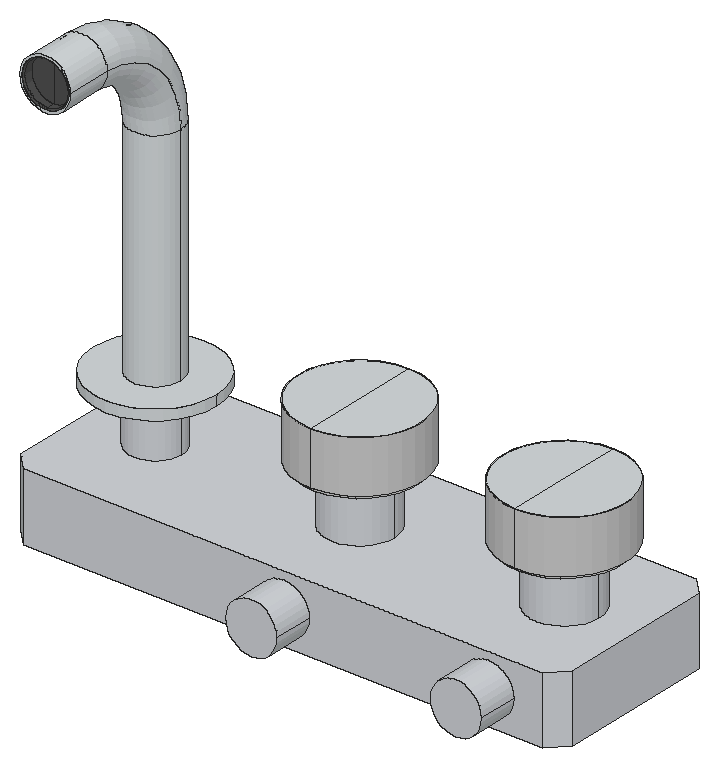
Revit family "Reece_Tap_Milli_Pure_Basin Tap Hostess System_160 mm_Linear Texture", category Plumbing Fixtures, host Face, Revit 2018
Family settings
  Host = Face
  Round Connector Dimension = Use Diameter
  Part Type = Normal
  Cut with Voids When Loaded = No
  Shared = Yes
  Room Calculation Point = Yes
Parameters (values of type "Brushed Nickel")
  WFU = 0  # constant formula
  URL = "https://www.reece.com.au/product/-2224851"
  Type Comments = "Tap"
  Reece_Tap_Reach = 160 mm  # constant formula
  Reece_Tap_Inlet = 15 mm  # constant formula
  Reece_Product_Web Page = "https://www.reece.com.au/product/-2224851"
  Reece_Product_Type = "Tap"  # constant formula
  Reece_Product_Sub Brand = "Pure"  # constant formula
  Reece_Product_Number = "2224851"
  Reece_Product_Mount = "Wall Mounted"
  Reece_Product_Description = "Milli Pure Wall Basin Hostess System 160mm Right Hand with Linear Textured Handles Brushed Nickel (3 star)"
  Reece_Product_Brand = "Milli"  # constant formula
  Reece_Overall_Length = 172.5 mm  # constant formula
  Reece_Material_Secondary = Reece_Brass_Brushed Nickel_Linear Pattern
  Reece_Material_Main = Reece_Brass_Brushed Nickel
  Reece_Detail_Tap_Handle Texture = "Linear Texture"  # constant formula
  Reece_Detail_Installation = ""
  Reece_Detail_Disclaimer = "THIS FILE IS THE PROPERTY OF THE REECE GROUP. IT MAY NOT BE REPRODUCED, REVERSE-ENGINEERED OR MODIFIED. ANY REPUBLICATION, TRANSMISSION OR DISTRIBUTION FOR THE PURPOSE OF COMMERCIALLY EXPLOITING THE FILES IS PROHIBITED."  # constant formula
  Reece_Detail_Connector = ""
  Reece_Detail_Additional = "Basin Tap Hostess System\r\n"  # constant formula
  Reece_3D Texture = no
  Reece_3D Simplified Geometry = not(Reece_3D Texture)  # yes
  Model = "Pure"
  Manufacturer = "Milli"
  Keynote = "Product #2224851, Reece_Tap_Milli_Pure_Basin Tap Hostess System_160 mm_Linear Texture - Brushed Nickel"
  HWFU = 0  # constant formula
  Disclaimer = "THIS FILE IS THE PROPERTY OF THE REECE GROUP. IT MAY NOT BE REPRODUCED, REVERSE-ENGINEERED OR MODIFIED. ANY REPUBLICATION, TRANSMISSION OR DISTRIBUTION FOR THE PURPOSE OF COMMERCIALLY EXPLOITING THE FILES IS PROHIBITED."  # constant formula
  Description = "Milli Pure Wall Basin Hostess System 160mm Right Hand with Linear Textured Handles Brushed Nickel (3 star)"
  Default Elevation = 1000 mm
  CWFU = 0  # constant formula
Types (6, lengths in mm): name | URL | Reece_Product_Web Page | Reece_Product_Number | Reece_Product_Description | Reece_Material_Secondary | Reece_Material_Main | Keynote | Description
  Brushed Gunmetal | "https://www.reece.com.au/product/-2224852" | "https://www.reece.com.au/product/-2224852" | "2224852" | "Milli Pure Wall Basin Hostess System 160mm Right Hand with Linear Textured Handles Brushed Gunmetal (3 star)" | Reece_Brass_Brushed Gunmetal_Linear Pattern | Reece_Brass_Brushed Gunmetal | "Product #2224852, Reece_Tap_Milli_Pure_Basin Tap Hostess System_160 mm_Linear Texture - Brushed Gunmetal" | "Milli Pure Wall Basin Hostess System 160mm Right Hand with Linear Textured Handles Brushed Gunmetal (3 star)"
  Brushed Nickel | "https://www.reece.com.au/product/-2224851" | "https://www.reece.com.au/product/-2224851" | "2224851" | "Milli Pure Wall Basin Hostess System 160mm Right Hand with Linear Textured Handles Brushed Nickel (3 star)" | Reece_Brass_Brushed Nickel_Linear Pattern | Reece_Brass_Brushed Nickel | "Product #2224851, Reece_Tap_Milli_Pure_Basin Tap Hostess System_160 mm_Linear Texture - Brushed Nickel" | "Milli Pure Wall Basin Hostess System 160mm Right Hand with Linear Textured Handles Brushed Nickel (3 star)"
  Chrome | "https://www.reece.com.au/product/-2224850" | "https://www.reece.com.au/product/-2224850" | "2224850" | "Milli Pure Wall Basin Hostess System 160mm Right Hand with Linear Textured Handles Chrome (3 star)" | Reece_Brass_Chrome_Linear Pattern | Reece_Brass_Chrome | "Product #2224850, Reece_Tap_Milli_Pure_Basin Tap Hostess System_160 mm_Linear Texture - Chrome" | "Milli Pure Wall Basin Hostess System 160mm Right Hand with Linear Textured Handles Chrome (3 star)"
  Matte Black | "https://www.reece.com.au/product/-2224853" | "https://www.reece.com.au/product/-2224853" | "2224853" | "Milli Pure Wall Basin Hostess System 160mm Right Hand with Linear Textured Handles Matte Black (3 star)" | Reece_Brass_Matte Black_Linear Pattern | Reece_Brass_Matte Black | "Product #2224853, Reece_Tap_Milli_Pure_Basin Tap Hostess System_160 mm_Linear Texture - Matte Black" | "Milli Pure Wall Basin Hostess System 160mm Right Hand with Linear Textured Handles Matte Black (3 star)"
  PVD Brushed Bronze | "https://www.reece.com.au/product/-9511059" | "https://www.reece.com.au/product/-9511059" | "9511059" | "Milli Pure Wall Basin Hostess System 160mm Right Hand with Linear Textured Handles PVD Brushed Bronze (3 Star)" | Reece_PVD_Brushed Bronze_Linear Pattern | Reece_PVD_Brushed Bronze | "Product #9511059, Reece_Tap_Milli_Pure_Basin Tap Hostess System_160 mm_Linear Texture - PVD Brushed Bronze" | "Milli Pure Wall Basin Hostess System 160mm Right Hand with Linear Textured Handles PVD Brushed Bronze (3 Star)"
  PVD Brushed Gold | "https://www.reece.com.au/product/-9510874" | "https://www.reece.com.au/product/-9510874" | "9510874" | "Milli Pure Wall Basin Hostess System 160mm Right Hand with Linear Textured Handles PVD Brushed Gold (3 Star)" | Reece_PVD_Brushed Gold_Linear Pattern | Reece_PVD_Brushed Gold | "Product #9510874, Reece_Tap_Milli_Pure_Basin Tap Hostess System_160 mm_Linear Texture - PVD Brushed Gold" | "Milli Pure Wall Basin Hostess System 160mm Right Hand with Linear Textured Handles PVD Brushed Gold (3 Star)"
Reference planes
  plane 1 "Center (Front/Back)": y = 0
  plane 2 "Bottom": z = 0
  plane 3 "Center (Left/Right)": x = 0
  plane 4 "Top": z = 172.5
  plane 5: z = 160
  plane 6: y = -67
  plane 7: x = -100
  plane 8: x = 100
Forms (mm)
  Extrusion 1, solid, material "Reece_Brass_Brushed Nickel" <- "Reece_Material_Main"
    sketch origin (-50, 0, 0) x (1, 0, 0) y (0, 1, 0)
      loop
        circle (-50, 0) r 30
    from 0 to 5
  Sweep 2, solid, material "Reece_Brass_Brushed Nickel" <- "Reece_Material_Main"
    path origin (0, 0, 0) x (0, 1, 0) y (0, 0, 1)
      loop
        line (-67, 160) -> (-45, 160)
        arc (-45, 160) -> (-13.18, 146.82) -> (0, 115) r 45
        line (0, 115) -> (0, 0)
    profile origin (0, 0, 57.5) x (1, 0, 0) y (0, 1, 0)
      loop
        circle (-100, 0) r 12.5
      loop
        circle (-100, 0) r 11.5
  Revolve 3, solid, material "Reece_Brass_Matte Black"
    sketch origin (-100, -183.21, 28.488) x (0, 0.572951, -0.81959) y (0, 0.81959, 0.572951)
      loop
        line (-38.39, 174.619) -> (-37.119, 176.437) -> (-46.38, 182.911) -> (-50.465, 177.068) -> (-49.461, 177.508) -> (-47.184, 180.766) -> (-38.39, 174.619)
      axis (-37.119, 176.437) -> (-41.203, 170.594)
    angle from 0 to 360
  Extrusion 4, solid
    sketch origin (0, 0, 0) x (1, 0, 0) y (0, 1, 0)
      loop
        line (-126.853, 46.5) -> (-135, 38.353) -> (-135, -38.353) -> (-126.853, -46.5) -> (126.853, -46.5) -> (135, -38.353) -> (135, 38.353) -> (126.853, 46.5) -> (-126.853, 46.5)
    from -60 to -27
  Extrusion 5, solid
    sketch origin (50, 0, -3.5) x (-1, 0, 0) y (0, 0, 1)
      loop
        circle (50, -40) r 12.5
    from -66.119 to -46.5
  Extrusion 6, solid
    sketch origin (150, 0, -3.5) x (-1, 0, 0) y (0, 0, 1)
      loop
        circle (50, -40) r 12.5
    from -66.119 to -46.5
  Extrusion 7, void
    sketch origin (-150, 0, 0) x (1, 0, 0) y (0, 1, 0)
      loop
        circle (50, 0) r 17
    from 0 to -27
  Extrusion 8, void
    sketch origin (50, 0, 0) x (-1, 0, 0) y (0, -1, 0)
      loop
        circle (50, 0) r 20
    from 0 to -27
  Extrusion 9, void
    sketch origin (150, 0, 0) x (-1, 0, 0) y (0, -1, 0)
      loop
        circle (50, 0) r 20
    from 0 to -27
  Extrusion 10, solid
    sketch origin (-50, 0, 0) x (1, 0, 0) y (0, 1, 0)
      loop
        circle (50, 0) r 17
    from 0 to -27
  Extrusion 11, solid
    sketch origin (-150, 0, 0) x (1, 0, 0) y (0, 1, 0)
      loop
        circle (50, 0) r 13
    from 0 to -27
  Extrusion 12, solid
    sketch origin (50, 0, 0) x (1, 0, 0) y (0, 1, 0)
      loop
        circle (50, 0) r 17
    from 0 to -27
Cuts and joins
  Extrusion 7 cuts Extrusion 1
  Extrusion 7 cuts Sweep 2
  joined: Extrusion 1, Sweep 2
  Extrusion 7, Extrusion 8, Extrusion 9 cuts Extrusion 4
  Extrusion 7, Extrusion 8, Extrusion 9 cuts Extrusion 5
  Extrusion 7, Extrusion 8, Extrusion 9 cuts Extrusion 6
  joined: Extrusion 4, Extrusion 5, Extrusion 6, Extrusion 10, Extrusion 11, Extrusion 12
Text (mm)
  text "Reece Copyright © 2018, Reece Ltd." at (-1195.845, -337.911, 0), in view "Ref. Level"
  text "Reece ©" at (44.384, 258.95, 192.345), in view "Reece Preview"
Dimensions and locks
  "Reece_Tap_Reach": plane 5 to plane 2 "Bottom"
  plane 1 "Center (Front/Back)" to plane 6 = 67 mm
  locked: plane 4 "Top" to plane 5 at 12.5
  "Reece_Overall_Length": plane 4 "Top" to plane 2 "Bottom"
  plane 7 to plane 3 "Center (Left/Right)" = 100 mm
  plane 3 "Center (Left/Right)" to plane 8 = 100 mm
  aligned and locked: plane 2 "Bottom" to host face
  aligned and locked: level to host face
  aligned and locked: plane 5 to Sweep 2 sketch curve
  aligned and locked: plane 6 to Sweep 2 sketch curve
Automatic sketch dimensions
  host sketch curve to host sketch curve = 380.785 mm
  host sketch curve to host sketch curve = 317.421 mm
  plane 1 "Center (Front/Back)" to Extrusion 1 sketch curve = 0 mm
  Extrusion 1 sketch curve to plane 3 "Center (Left/Right)" = 100 mm
  level to Sweep 2 sketch curve = 0 mm
  Sweep 2 sketch curve to plane 1 "Center (Front/Back)" = 0 mm
  Sweep 2 sketch curve to plane 6 = 22 mm
  Sweep 2 sketch curve to Sweep 2 sketch curve = 0 mm  (x2)
  profile plane to Sweep 2 sketch curve = 0 mm
  Sweep 2 sketch curve to plane 3 "Center (Left/Right)" = 100 mm
  Revolve 3 sketch curve to plane 5 = 0 mm  (x4)
  Revolve 3 sketch curve to plane 6 = 0 mm
  Revolve 3 sketch curve to plane 4 "Top" = 1.2 mm
  Revolve 3 sketch curve to Revolve 3 sketch curve = 1.003 mm
  Revolve 3 sketch curve to Revolve 3 sketch curve = 2.278 mm
  Revolve 3 sketch curve to Revolve 3 sketch curve = 0.803 mm
  Revolve 3 sketch curve to Revolve 3 sketch curve = 1.271 mm
  Revolve 3 sketch curve to Revolve 3 sketch curve = 17.422 mm
  Revolve 3 sketch curve to Revolve 3 sketch curve = 3.892 mm
  Extrusion 4 sketch curve to Extrusion 4 sketch curve = 8.147 mm  (x7)
  Extrusion 4 sketch curve to plane 1 "Center (Front/Back)" = 46.5 mm
  Extrusion 4 sketch curve to plane 3 "Center (Left/Right)" = 126.853 mm
  Extrusion 4 sketch curve to plane 6 = 20.5 mm
  Extrusion 4 sketch curve to Extrusion 4 sketch curve = 0 mm
  plane 3 "Center (Left/Right)" to Extrusion 4 sketch curve = 126.853 mm
  Extrusion 5 sketch curve to plane 3 "Center (Left/Right)" = 0 mm
  Extrusion 5 sketch curve to level = 43.5 mm
  plane 8 to Extrusion 6 sketch curve = 0 mm
  Extrusion 6 sketch curve to level = 43.5 mm
  Extrusion 7 sketch curve to Extrusion 7 sketch curve = 0 mm  (x2)
  plane 1 "Center (Front/Back)" to Extrusion 7 sketch curve = 0 mm
  Extrusion 7 sketch curve to plane 7 = 0 mm
  Extrusion 7 sketch curve to Extrusion 7 sketch curve = 17 mm
  Extrusion 8 sketch curve to Extrusion 8 sketch curve = 0 mm  (x2)
  plane 1 "Center (Front/Back)" to Extrusion 8 sketch curve = 0 mm
  Extrusion 8 sketch curve to plane 3 "Center (Left/Right)" = 0 mm
  Extrusion 8 sketch curve to plane 3 "Center (Left/Right)" = 20 mm
  Extrusion 9 sketch curve to Extrusion 9 sketch curve = 0 mm  (x2)
  plane 1 "Center (Front/Back)" to Extrusion 9 sketch curve = 0 mm
  Extrusion 9 sketch curve to plane 8 = 0 mm
  Extrusion 9 sketch curve to Extrusion 9 sketch curve = 20 mm
  Extrusion 10 sketch curve to Extrusion 10 sketch curve = 0 mm  (x2)
  plane 1 "Center (Front/Back)" to Extrusion 10 sketch curve = 0 mm
  Extrusion 10 sketch curve to plane 3 "Center (Left/Right)" = 0 mm
  Extrusion 10 sketch curve to Extrusion 10 sketch curve = 17 mm
  Extrusion 11 sketch curve to Extrusion 11 sketch curve = 0 mm  (x2)
  plane 1 "Center (Front/Back)" to Extrusion 11 sketch curve = 0 mm
  Extrusion 11 sketch curve to plane 7 = 0 mm
  Extrusion 11 sketch curve to Extrusion 11 sketch curve = 13 mm
  Extrusion 12 sketch curve to Extrusion 12 sketch curve = 0 mm  (x2)
  plane 1 "Center (Front/Back)" to Extrusion 12 sketch curve = 0 mm
  Extrusion 12 sketch curve to plane 8 = 0 mm
  Extrusion 12 sketch curve to Extrusion 12 sketch curve = 17 mm
  radius of Extrusion 1 sketch curve = 30 mm
  radius of Sweep 2 sketch curve = 12.5 mm
  radius of Sweep 2 sketch curve = 11.5 mm
  radius of Extrusion 5 sketch curve = 12.5 mm
  radius of Extrusion 6 sketch curve = 12.5 mm
Nested families
  nested 1: "Reece_Tap_Milli_Pure_Cap_Linear Texture_60mm x 28mm_3D" at (0, 0, 0), visible <- "Reece_3D Texture", Reece_Material_Main <- "Reece_Material_Main", Reece_Material_Secondary <- "Reece_Material_Secondary", type "60mm x 28mm"
    with Reece_Material_Secondary Reece_Brass_Brushed Nickel_Linear Pattern, Reece_Material_Main Reece_Brass_Brushed Nickel
  nested 2: "Reece_Tap_Milli_Pure_Cap_Main_2D" at (0, 0, 0), visible <- "Reece_3D Simplified Geometry", Reece_Material_Main <- "Reece_Material_Main", Reece_Material_Secondary <- "Reece_Material_Secondary", type "60mm x 28mm"
    with Reece_Material_Secondary Reece_Brass_Brushed Nickel_Linear Pattern, Reece_Material_Main Reece_Brass_Brushed Nickel, Reece_Overall_Height 28 mm
  nested 3: "Reece_Tap_Milli_Pure_Cap_Linear Texture_60mm x 28mm_3D" at (100, 0, 0), visible <- "Reece_3D Texture", Reece_Material_Main <- "Reece_Material_Main", Reece_Material_Secondary <- "Reece_Material_Secondary", type "60mm x 28mm"
    with Reece_Material_Secondary Reece_Brass_Brushed Nickel_Linear Pattern, Reece_Material_Main Reece_Brass_Brushed Nickel
  nested 4: "Reece_Tap_Milli_Pure_Cap_Main_2D" at (100, 0, 0), visible <- "Reece_3D Simplified Geometry", Reece_Material_Main <- "Reece_Material_Main", Reece_Material_Secondary <- "Reece_Material_Secondary", type "60mm x 28mm"
    with Reece_Material_Secondary Reece_Brass_Brushed Nickel_Linear Pattern, Reece_Material_Main Reece_Brass_Brushed Nickel, Reece_Overall_Height 28 mm
Connectors
  piping at (0, -66.119, -43.5), diameter 15, driven by "Reece_Tap_Inlet"
    settings: on cut or joined group 1 (Extrusion 4, Extrusion 5, Extrusion 6, Extrusion 7, Extrusion 8, Extrusion 9, Extrusion 10, Extrusion 11, Extrusion 12), index 1, connector inside diameter 609.6 mm, connector length 0 mm, flow factor 0, pipe flow 0.0 L/s, pressure drop 0.0 Pa, fitting loss kfactor 0, connector angle 0.00°, fixture units 0, engagement length 0 mm, angle of deflection 0.00°, flow configuration 0, flow direction 1, fitting loss method 0, system type 29, joint type 0, gender type 0, connector reference index -1, connector utility 0, adjustable connector no, is connector primary yes, connector description ""
  piping at (100, -66.119, -43.5), diameter 15, driven by "Reece_Tap_Inlet"
    settings: on cut or joined group 1, index 2, connector inside diameter 609.6 mm, connector length 0 mm, flow factor 0, pipe flow 0.0 L/s, pressure drop 0.0 Pa, fitting loss kfactor 0, connector angle 0.00°, fixture units 0, engagement length 0 mm, angle of deflection 0.00°, flow configuration 0, flow direction 1, fitting loss method 0, system type 29, joint type 0, gender type 0, connector reference index -1, connector utility 0, adjustable connector no, is connector primary no, connector description ""
Definition of nested family "Reece_Tap_Milli_Pure_Cap_Linear Texture_60mm x 28mm_3D"
  Parameters (values of type "60mm x 28mm")
    WFU = 0  # constant formula
    Reece_Tap_Inlet = 0 mm
    Reece_Overall_Length = 60 mm
    Reece_Overall_Height = 28 mm
    Reece_Material_Secondary [instance] = none
    Reece_Material_Main [instance] = none
    Reece_Detail_Installation = ""
    Reece_Detail_Connector = ""
    Reece_Detail_Additional = ""
    HWFU = 0  # constant formula
    Default Elevation = 1000 mm
    CWFU = 0  # constant formula
  Reference planes
    plane 1 "Center (Front/Back)": y = 0
    plane 2 "Bottom": z = 0
    plane 3 "Center (Left/Right)": x = 0
    plane 4: z = 28
    plane 5: y = -30
    plane 6: y = 30
  Forms (mm)
    Extrusion 1, solid
      sketch origin (619.2, -619.2, 0) x (1, 0, 0) y (0, 1, 0)
        loop
          line (-809.2, 779.2) -> (-809.2, 461.779) -> (-428.415, 461.779) -> (-428.415, 779.2) -> (-809.2, 779.2)
      from 0 to -9.564
    Revolve 2, solid, material <- "Reece_Material_Main"
      sketch origin (0, 0, -140.292) x (0, 1, 0) y (0, 0, 1)
        loop
          line (0, 148.292) -> (-30, 148.292) -> (-30, 142.292) -> (-27.915, 142.292) -> (-27.915, 140.292) -> (-25.915, 140.292) -> (-25.915, 144.803) -> (0, 144.803) -> (0, 148.292)
        axis (0, 140.292) -> (0, 148.292)
      angle from 0 to 360
    Extrusion 3, solid, material <- "Reece_Material_Main"
      sketch origin (300, 0, 0) x (1, 0, 0) y (0, 1, 0)
        loop
          arc (-296.155, 28.799) -> (-297.018, 29.853) -> (-298.073, 28.991) r 0.964
          arc (-298.073, 28.991) -> (-298.726, 29.95) -> (-299.664, 29.266) r 0.808
          arc (-299.664, 29.266) -> (-300.6, 29.978) -> (-301.291, 29.026) r 0.823
          arc (-301.291, 29.026) -> (-302.327, 29.911) -> (-303.213, 28.877) r 0.964
          arc (-303.213, 28.877) -> (-304.305, 29.691) -> (-305.121, 28.6) r 0.964
          arc (-305.121, 28.6) -> (-306.265, 29.34) -> (-307.007, 28.197) r 0.964
          arc (-307.007, 28.197) -> (-308.197, 28.86) -> (-308.861, 27.671) r 0.964
          arc (-308.861, 27.671) -> (-310.093, 28.253) -> (-310.677, 27.022) r 0.964
          arc (-310.677, 27.022) -> (-311.945, 27.522) -> (-312.445, 26.254) r 0.964
          arc (-312.445, 26.254) -> (-313.743, 26.669) -> (-314.159, 25.371) r 0.964
          arc (-314.159, 25.371) -> (-315.482, 25.699) -> (-315.811, 24.376) r 0.964
          arc (-315.811, 24.376) -> (-317.152, 24.615) -> (-317.393, 23.274) r 0.964
          arc (-317.393, 23.274) -> (-318.747, 23.423) -> (-318.898, 22.069) r 0.964
          arc (-318.898, 22.069) -> (-320.259, 22.129) -> (-320.32, 20.767) r 0.964
          arc (-320.32, 20.767) -> (-321.682, 20.736) -> (-321.652, 19.374) r 0.964
          arc (-321.652, 19.374) -> (-323.01, 19.253) -> (-322.89, 17.895) r 0.964
          arc (-322.89, 17.895) -> (-324.236, 17.684) -> (-324.026, 16.338) r 0.964
          arc (-324.026, 16.338) -> (-325.355, 16.038) -> (-325.057, 14.708) r 0.964
          arc (-325.057, 14.708) -> (-326.363, 14.321) -> (-325.977, 13.014) r 0.964
          arc (-325.977, 13.014) -> (-327.255, 12.541) -> (-326.783, 11.263) r 0.964
          arc (-326.783, 11.263) -> (-328.027, 10.706) -> (-327.471, 9.462) r 0.964
          arc (-327.471, 9.462) -> (-328.675, 8.824) -> (-328.038, 7.619) r 0.964
          arc (-328.038, 7.619) -> (-329.197, 6.902) -> (-328.482, 5.743) r 0.964
          arc (-328.482, 5.743) -> (-329.59, 4.951) -> (-328.8, 3.841) r 0.964
          arc (-328.8, 3.841) -> (-329.854, 2.978) -> (-328.991, 1.923) r 0.964
          arc (-328.991, 1.923) -> (-329.985, 0.991) -> (-329.055, -0.004) r 0.964
          arc (-329.055, -0.004) -> (-329.985, -1) -> (-328.991, -1.931) r 0.964
          arc (-328.991, -1.931) -> (-329.853, -2.986) -> (-328.799, -3.85) r 0.964
          arc (-328.799, -3.85) -> (-329.589, -4.96) -> (-328.48, -5.751) r 0.964
          arc (-328.48, -5.751) -> (-329.195, -6.911) -> (-328.036, -7.627) r 0.964
          arc (-328.036, -7.627) -> (-328.672, -8.832) -> (-327.468, -9.47) r 0.964
          arc (-327.468, -9.47) -> (-328.023, -10.714) -> (-326.78, -11.271) r 0.964
          arc (-326.78, -11.271) -> (-327.251, -12.549) -> (-325.973, -13.022) r 0.964
          arc (-325.973, -13.022) -> (-326.359, -14.329) -> (-325.052, -14.716) r 0.964
          arc (-325.052, -14.716) -> (-325.351, -16.045) -> (-324.021, -16.345) r 0.964
          arc (-324.021, -16.345) -> (-324.231, -17.691) -> (-322.884, -17.902) r 0.964
          arc (-322.884, -17.902) -> (-323.004, -19.259) -> (-321.647, -19.38) r 0.964
          arc (-321.647, -19.38) -> (-321.676, -20.743) -> (-320.314, -20.773) r 0.964
          arc (-320.314, -20.773) -> (-320.253, -22.135) -> (-318.891, -22.075) r 0.964
          arc (-318.891, -22.075) -> (-318.74, -23.429) -> (-317.386, -23.279) r 0.964
          arc (-317.386, -23.279) -> (-317.145, -24.62) -> (-315.804, -24.381) r 0.964
          arc (-315.804, -24.381) -> (-315.474, -25.703) -> (-314.152, -25.375) r 0.964
          arc (-314.152, -25.375) -> (-313.736, -26.673) -> (-312.438, -26.258) r 0.964
          arc (-312.438, -26.258) -> (-311.936, -27.525) -> (-310.669, -27.025) r 0.964
          arc (-310.669, -27.025) -> (-310.085, -28.256) -> (-308.853, -27.673) r 0.964
          arc (-308.853, -27.673) -> (-308.189, -28.863) -> (-306.998, -28.199) r 0.964
          arc (-306.998, -28.199) -> (-306.256, -29.342) -> (-305.113, -28.601) r 0.964
          arc (-305.113, -28.601) -> (-304.297, -29.693) -> (-303.205, -28.878) r 0.964
          arc (-303.205, -28.878) -> (-302.318, -29.912) -> (-301.282, -29.026) r 0.964
          arc (-301.282, -29.026) -> (-300.329, -30) -> (-299.354, -29.048) r 0.964
          arc (-299.354, -29.048) -> (-298.339, -29.956) -> (-297.429, -28.941) r 0.964
          arc (-297.429, -28.941) -> (-296.356, -29.78) -> (-295.516, -28.707) r 0.964
          arc (-295.516, -28.707) -> (-294.389, -29.472) -> (-293.622, -28.346) r 0.964
          arc (-293.622, -28.346) -> (-292.446, -29.035) -> (-291.756, -27.861) r 0.964
          arc (-291.756, -27.861) -> (-290.537, -28.47) -> (-289.926, -27.252) r 0.964
          arc (-289.926, -27.252) -> (-288.67, -27.78) -> (-288.141, -26.524) r 0.964
          arc (-288.141, -26.524) -> (-286.852, -26.968) -> (-286.408, -25.679) r 0.964
          arc (-286.408, -25.679) -> (-285.093, -26.036) -> (-284.735, -24.722) r 0.964
          arc (-284.735, -24.722) -> (-283.399, -24.99) -> (-283.129, -23.655) r 0.964
          arc (-283.129, -23.655) -> (-281.778, -23.834) -> (-281.597, -22.484) r 0.964
          arc (-281.597, -22.484) -> (-280.238, -22.573) -> (-280.147, -21.214) r 0.964
          arc (-280.147, -21.214) -> (-278.784, -21.213) -> (-278.783, -19.85) r 0.964
          arc (-278.783, -19.85) -> (-277.424, -19.759) -> (-277.514, -18.399) r 0.964
          arc (-277.514, -18.399) -> (-276.163, -18.218) -> (-276.343, -16.868) r 0.964
          arc (-276.343, -16.868) -> (-275.007, -16.597) -> (-275.276, -15.262) r 0.964
          arc (-275.276, -15.262) -> (-273.962, -14.903) -> (-274.319, -13.588) r 0.964
          arc (-274.319, -13.588) -> (-273.03, -13.144) -> (-273.474, -11.855) r 0.964
          arc (-273.474, -11.855) -> (-272.218, -11.326) -> (-272.746, -10.07) r 0.964
          arc (-272.746, -10.07) -> (-271.528, -9.459) -> (-272.138, -8.24) r 0.964
          arc (-272.138, -8.24) -> (-270.964, -7.549) -> (-271.653, -6.374) r 0.964
          arc (-271.653, -6.374) -> (-270.527, -5.607) -> (-271.293, -4.48) r 0.964
          arc (-271.293, -4.48) -> (-270.22, -3.64) -> (-271.059, -2.566) r 0.964
          arc (-271.059, -2.566) -> (-270.044, -1.657) -> (-270.952, -0.641) r 0.964
          arc (-270.952, -0.641) -> (-270, 0.333) -> (-270.974, 1.287) r 0.964
          arc (-270.974, 1.287) -> (-270.088, 2.322) -> (-271.123, 3.209) r 0.964
          arc (-271.123, 3.209) -> (-270.308, 4.301) -> (-271.399, 5.117) r 0.964
          arc (-271.399, 5.117) -> (-270.659, 6.261) -> (-271.802, 7.002) r 0.964
          arc (-271.802, 7.002) -> (-271.138, 8.193) -> (-272.328, 8.857) r 0.964
          arc (-272.328, 8.857) -> (-271.745, 10.089) -> (-272.977, 10.673) r 0.964
          arc (-272.977, 10.673) -> (-272.477, 11.941) -> (-273.744, 12.442) r 0.964
          arc (-273.744, 12.442) -> (-273.329, 13.74) -> (-274.627, 14.156) r 0.964
          arc (-274.627, 14.156) -> (-274.299, 15.478) -> (-275.621, 15.807) r 0.964
          arc (-275.621, 15.807) -> (-275.382, 17.149) -> (-276.723, 17.389) r 0.964
          arc (-276.723, 17.389) -> (-276.574, 18.744) -> (-277.928, 18.895) r 0.964
          arc (-277.928, 18.895) -> (-277.868, 20.256) -> (-279.23, 20.317) r 0.964
          arc (-279.23, 20.317) -> (-279.261, 21.679) -> (-280.623, 21.65) r 0.964
          arc (-280.623, 21.65) -> (-280.744, 23.007) -> (-282.101, 22.887) r 0.964
          arc (-282.101, 22.887) -> (-282.312, 24.233) -> (-283.659, 24.024) r 0.964
          arc (-283.659, 24.024) -> (-283.958, 25.353) -> (-285.288, 25.055) r 0.964
          arc (-285.288, 25.055) -> (-285.675, 26.361) -> (-286.982, 25.975) r 0.964
          arc (-286.982, 25.975) -> (-287.455, 27.253) -> (-288.733, 26.781) r 0.964
          arc (-288.733, 26.781) -> (-289.29, 28.025) -> (-290.534, 27.47) r 0.964
          arc (-290.534, 27.47) -> (-291.172, 28.674) -> (-292.377, 28.037) r 0.964
          arc (-292.377, 28.037) -> (-293.093, 29.196) -> (-294.253, 28.481) r 0.964
          arc (-294.253, 28.481) -> (-295.045, 29.59) -> (-296.155, 28.799) r 0.964
      from 8 to 28
  Text (mm)
    text "Reece Copyright © 2018, Reece Ltd." at (-1403.988, -1192.393, 0), in view "Ref. Level"
    text "Reece ©" at (44.384, 258.95, 192.345), in view "Reece Preview"
  Dimensions and locks
    "Reece_Overall_Height": plane 4 to plane 2 "Bottom"
    "Reece_Overall_Length": plane 5 to plane 6
    equal spacing: plane 6, plane 1 "Center (Front/Back)", plane 5
    aligned and locked: plane 2 "Bottom" to Extrusion 1
    aligned and locked: level to Extrusion 1
    aligned and locked: plane 4 to Extrusion 3
  Automatic sketch dimensions
    Extrusion 1 sketch curve to Extrusion 1 sketch curve = 380.785 mm
    Extrusion 1 sketch curve to Extrusion 1 sketch curve = 317.421 mm
    level to Revolve 2 sketch curve = 0 mm
    Revolve 2 sketch curve to plane 1 "Center (Front/Back)" = 0 mm  (x2)
    level to Revolve 2 sketch curve = 2 mm
    level to Revolve 2 sketch curve = 4.511 mm
    Revolve 2 sketch curve to Revolve 2 sketch curve = 3.489 mm
    plane 4 to Revolve 2 sketch curve = 17.996 mm
    Revolve 2 sketch curve to Revolve 2 sketch curve = 3.712 mm
    Revolve 2 sketch curve to plane 5 = 0 mm
    Extrusion 3 sketch curve to plane 1 "Center (Front/Back)" = 0.959 mm
    Extrusion 3 sketch curve to plane 3 "Center (Left/Right)" = 29.022 mm
    plane 1 "Center (Front/Back)" to Extrusion 3 sketch curve = 0.968 mm
    Extrusion 3 sketch curve to Extrusion 3 sketch curve = 0 mm
    Extrusion 3 sketch curve to Extrusion 3 sketch curve = 0.128 mm  (x2)
    Extrusion 3 sketch curve to Extrusion 3 sketch curve = 0.255 mm  (x2)
    Extrusion 3 sketch curve to Extrusion 3 sketch curve = 0.381 mm  (x2)
    Extrusion 3 sketch curve to Extrusion 3 sketch curve = 0.505 mm
    Extrusion 3 sketch curve to Extrusion 3 sketch curve = 0.506 mm
    Extrusion 3 sketch curve to Extrusion 3 sketch curve = 0.627 mm
    Extrusion 3 sketch curve to Extrusion 3 sketch curve = 0.628 mm  (x2)
    Extrusion 3 sketch curve to Extrusion 3 sketch curve = 0.747 mm  (x3)
    Extrusion 3 sketch curve to Extrusion 3 sketch curve = 0.863 mm  (x2)
    Extrusion 3 sketch curve to Extrusion 3 sketch curve = 0.864 mm
    Extrusion 3 sketch curve to Extrusion 3 sketch curve = 0.975 mm
    Extrusion 3 sketch curve to Extrusion 3 sketch curve = 0.976 mm  (x2)
    Extrusion 3 sketch curve to Extrusion 3 sketch curve = 1.084 mm  (x3)
    Extrusion 3 sketch curve to Extrusion 3 sketch curve = 1.187 mm  (x3)
    Extrusion 3 sketch curve to Extrusion 3 sketch curve = 1.285 mm  (x3)
    Extrusion 3 sketch curve to Extrusion 3 sketch curve = 1.377 mm  (x2)
    Extrusion 3 sketch curve to Extrusion 3 sketch curve = 1.378 mm
    Extrusion 3 sketch curve to Extrusion 3 sketch curve = 1.464 mm  (x3)
    Extrusion 3 sketch curve to Extrusion 3 sketch curve = 1.544 mm  (x3)
    Extrusion 3 sketch curve to Extrusion 3 sketch curve = 1.617 mm  (x3)
    Extrusion 3 sketch curve to Extrusion 3 sketch curve = 1.683 mm  (x3)
    Extrusion 3 sketch curve to Extrusion 3 sketch curve = 1.741 mm  (x3)
    Extrusion 3 sketch curve to Extrusion 3 sketch curve = 1.792 mm  (x3)
    Extrusion 3 sketch curve to Extrusion 3 sketch curve = 1.835 mm  (x3)
    Extrusion 3 sketch curve to Extrusion 3 sketch curve = 1.87 mm  (x3)
    Extrusion 3 sketch curve to Extrusion 3 sketch curve = 1.897 mm  (x3)
    Extrusion 3 sketch curve to Extrusion 3 sketch curve = 1.915 mm  (x3)
    Extrusion 3 sketch curve to plane 3 "Center (Left/Right)" = 0.48 mm
    Extrusion 3 sketch curve to plane 3 "Center (Left/Right)" = 0.318 mm
    plane 3 "Center (Left/Right)" to Extrusion 3 sketch curve = 1.136 mm
    plane 3 "Center (Left/Right)" to Extrusion 3 sketch curve = 1.608 mm
    Extrusion 3 sketch curve to Extrusion 3 sketch curve = 1.75 mm
    Extrusion 3 sketch curve to Extrusion 3 sketch curve = 1.919 mm  (x2)
    Extrusion 3 sketch curve to Extrusion 3 sketch curve = 1.91 mm  (x2)
    Extrusion 3 sketch curve to Extrusion 3 sketch curve = 1.904 mm  (x2)
    Extrusion 3 sketch curve to Extrusion 3 sketch curve = 1.889 mm  (x3)
    Extrusion 3 sketch curve to Extrusion 3 sketch curve = 1.88 mm  (x2)
    Extrusion 3 sketch curve to Extrusion 3 sketch curve = 1.859 mm  (x3)
    Extrusion 3 sketch curve to Extrusion 3 sketch curve = 1.848 mm  (x2)
    Extrusion 3 sketch curve to Extrusion 3 sketch curve = 1.822 mm  (x3)
    Extrusion 3 sketch curve to Extrusion 3 sketch curve = 1.807 mm  (x2)
    Extrusion 3 sketch curve to Extrusion 3 sketch curve = 1.776 mm  (x3)
    Extrusion 3 sketch curve to Extrusion 3 sketch curve = 1.759 mm  (x2)
    Extrusion 3 sketch curve to Extrusion 3 sketch curve = 1.723 mm  (x3)
    Extrusion 3 sketch curve to Extrusion 3 sketch curve = 1.703 mm  (x2)
    Extrusion 3 sketch curve to Extrusion 3 sketch curve = 1.662 mm  (x2)
    Extrusion 3 sketch curve to Extrusion 3 sketch curve = 1.639 mm
    Extrusion 3 sketch curve to Extrusion 3 sketch curve = 1.593 mm  (x3)
    Extrusion 3 sketch curve to Extrusion 3 sketch curve = 1.569 mm  (x2)
    Extrusion 3 sketch curve to Extrusion 3 sketch curve = 1.518 mm  (x3)
    Extrusion 3 sketch curve to Extrusion 3 sketch curve = 1.491 mm  (x2)
    Extrusion 3 sketch curve to Extrusion 3 sketch curve = 1.436 mm  (x3)
    Extrusion 3 sketch curve to Extrusion 3 sketch curve = 1.407 mm  (x2)
    Extrusion 3 sketch curve to Extrusion 3 sketch curve = 1.347 mm  (x2)
    Extrusion 3 sketch curve to Extrusion 3 sketch curve = 1.316 mm
    Extrusion 3 sketch curve to Extrusion 3 sketch curve = 1.253 mm  (x3)
    Extrusion 3 sketch curve to Extrusion 3 sketch curve = 1.22 mm  (x2)
    Extrusion 3 sketch curve to Extrusion 3 sketch curve = 1.153 mm  (x3)
    Extrusion 3 sketch curve to Extrusion 3 sketch curve = 1.119 mm  (x2)
    Extrusion 3 sketch curve to Extrusion 3 sketch curve = 1.048 mm  (x2)
    Extrusion 3 sketch curve to Extrusion 3 sketch curve = 1.012 mm  (x2)
    Extrusion 3 sketch curve to Extrusion 3 sketch curve = 0.939 mm  (x3)
    Extrusion 3 sketch curve to Extrusion 3 sketch curve = 0.901 mm  (x3)
    Extrusion 3 sketch curve to Extrusion 3 sketch curve = 0.825 mm  (x5)
    Extrusion 3 sketch curve to Extrusion 3 sketch curve = 0.786 mm  (x2)
    Extrusion 3 sketch curve to Extrusion 3 sketch curve = 0.708 mm  (x2)
    Extrusion 3 sketch curve to Extrusion 3 sketch curve = 0.668 mm  (x2)
    Extrusion 3 sketch curve to Extrusion 3 sketch curve = 0.587 mm
    Extrusion 3 sketch curve to Extrusion 3 sketch curve = 0.546 mm
    Extrusion 3 sketch curve to Extrusion 3 sketch curve = 0.464 mm
    Extrusion 3 sketch curve to Extrusion 3 sketch curve = 0.423 mm  (x2)
    Extrusion 3 sketch curve to Extrusion 3 sketch curve = 0.339 mm
    Extrusion 3 sketch curve to Extrusion 3 sketch curve = 0.297 mm
    Extrusion 3 sketch curve to Extrusion 3 sketch curve = 0.213 mm
    plane 1 "Center (Front/Back)" to Extrusion 3 sketch curve = 1.604 mm
    Extrusion 3 sketch curve to Extrusion 3 sketch curve = 0.17 mm
    Extrusion 3 sketch curve to plane 1 "Center (Front/Back)" = 0.323 mm
    Extrusion 3 sketch curve to Extrusion 3 sketch curve = 0.085 mm
    Extrusion 3 sketch curve to Extrusion 3 sketch curve = 1.317 mm
    Extrusion 3 sketch curve to Extrusion 3 sketch curve = 1.64 mm
    Extrusion 3 sketch curve to Extrusion 3 sketch curve = 1.661 mm
    Extrusion 3 sketch curve to Extrusion 3 sketch curve = 1.923 mm  (x2)
    Extrusion 3 sketch curve to Extrusion 3 sketch curve = 1.925 mm
    Extrusion 3 sketch curve to Extrusion 3 sketch curve = 1.348 mm
    Extrusion 3 sketch curve to Extrusion 3 sketch curve = 1.049 mm
    plane 1 "Center (Front/Back)" to Extrusion 3 sketch curve = 0.004 mm
    Extrusion 3 sketch curve to Extrusion 3 sketch curve = 0.033 mm
    Extrusion 3 sketch curve to Extrusion 3 sketch curve = 0.031 mm  (x2)
    Extrusion 3 sketch curve to Extrusion 3 sketch curve = 0.16 mm  (x2)
    Extrusion 3 sketch curve to Extrusion 3 sketch curve = 0.158 mm
    Extrusion 3 sketch curve to Extrusion 3 sketch curve = 0.223 mm
    Extrusion 3 sketch curve to Extrusion 3 sketch curve = 0.221 mm
    Extrusion 3 sketch curve to Extrusion 3 sketch curve = 0.285 mm
    Extrusion 3 sketch curve to Extrusion 3 sketch curve = 0.345 mm
    Extrusion 3 sketch curve to Extrusion 3 sketch curve = 0.283 mm
    Extrusion 3 sketch curve to Extrusion 3 sketch curve = 0.343 mm
    Extrusion 3 sketch curve to Extrusion 3 sketch curve = 0.404 mm
    Extrusion 3 sketch curve to Extrusion 3 sketch curve = 0.402 mm
    Extrusion 3 sketch curve to Extrusion 3 sketch curve = 0.461 mm
    Extrusion 3 sketch curve to Extrusion 3 sketch curve = 0.459 mm
    Extrusion 3 sketch curve to Extrusion 3 sketch curve = 0.516 mm
    Extrusion 3 sketch curve to Extrusion 3 sketch curve = 0.569 mm
    Extrusion 3 sketch curve to Extrusion 3 sketch curve = 0.515 mm
    Extrusion 3 sketch curve to Extrusion 3 sketch curve = 0.567 mm
    Extrusion 3 sketch curve to Extrusion 3 sketch curve = 0.568 mm
    Extrusion 3 sketch curve to Extrusion 3 sketch curve = 0.667 mm
    Extrusion 3 sketch curve to Extrusion 3 sketch curve = 0.618 mm
    Extrusion 3 sketch curve to Extrusion 3 sketch curve = 0.712 mm  (x2)
    Extrusion 3 sketch curve to Extrusion 3 sketch curve = 0.71 mm
    Extrusion 3 sketch curve to Extrusion 3 sketch curve = 0.711 mm
    Extrusion 3 sketch curve to Extrusion 3 sketch curve = 0.791 mm  (x2)
    Extrusion 3 sketch curve to Extrusion 3 sketch curve = 0.752 mm
    Extrusion 3 sketch curve to Extrusion 3 sketch curve = 0.826 mm  (x2)
    Extrusion 3 sketch curve to Extrusion 3 sketch curve = 0.885 mm  (x2)
    Extrusion 3 sketch curve to Extrusion 3 sketch curve = 0.908 mm  (x2)
    Extrusion 3 sketch curve to Extrusion 3 sketch curve = 0.907 mm
    Extrusion 3 sketch curve to Extrusion 3 sketch curve = 0.928 mm
    Extrusion 3 sketch curve to Extrusion 3 sketch curve = 0.914 mm
    Extrusion 3 sketch curve to Extrusion 3 sketch curve = 0.922 mm
    Extrusion 3 sketch curve to Extrusion 3 sketch curve = 0.915 mm
    Extrusion 3 sketch curve to Extrusion 3 sketch curve = 0.893 mm
    Extrusion 3 sketch curve to Extrusion 3 sketch curve = 0.847 mm
    Extrusion 3 sketch curve to Extrusion 3 sketch curve = 0.836 mm
    Extrusion 3 sketch curve to Extrusion 3 sketch curve = 0.814 mm
    Extrusion 3 sketch curve to Extrusion 3 sketch curve = 0.837 mm
    Extrusion 3 sketch curve to Extrusion 3 sketch curve = 0.815 mm
    Extrusion 3 sketch curve to Extrusion 3 sketch curve = 0.765 mm
    Extrusion 3 sketch curve to Extrusion 3 sketch curve = 0.739 mm
    Extrusion 3 sketch curve to Extrusion 3 sketch curve = 0.725 mm
    Extrusion 3 sketch curve to Extrusion 3 sketch curve = 0.696 mm
    Extrusion 3 sketch curve to Extrusion 3 sketch curve = 0.726 mm
    Extrusion 3 sketch curve to Extrusion 3 sketch curve = 0.65 mm
    Extrusion 3 sketch curve to Extrusion 3 sketch curve = 0.682 mm
    Extrusion 3 sketch curve to Extrusion 3 sketch curve = 0.601 mm
    Extrusion 3 sketch curve to Extrusion 3 sketch curve = 0.636 mm
    Extrusion 3 sketch curve to Extrusion 3 sketch curve = 0.603 mm
    Extrusion 3 sketch curve to Extrusion 3 sketch curve = 0.586 mm
    Extrusion 3 sketch curve to Extrusion 3 sketch curve = 0.497 mm
    Extrusion 3 sketch curve to Extrusion 3 sketch curve = 0.534 mm
    Extrusion 3 sketch curve to Extrusion 3 sketch curve = 0.441 mm
    Extrusion 3 sketch curve to Extrusion 3 sketch curve = 0.421 mm
    Extrusion 3 sketch curve to Extrusion 3 sketch curve = 0.442 mm
    Extrusion 3 sketch curve to Extrusion 3 sketch curve = 0.385 mm
    Extrusion 3 sketch curve to Extrusion 3 sketch curve = 0.365 mm
    Extrusion 3 sketch curve to Extrusion 3 sketch curve = 0.325 mm
    Extrusion 3 sketch curve to Extrusion 3 sketch curve = 0.242 mm
    Extrusion 3 sketch curve to Extrusion 3 sketch curve = 0.2 mm
    Extrusion 3 sketch curve to Extrusion 3 sketch curve = 0.244 mm
    Extrusion 3 sketch curve to Extrusion 3 sketch curve = 0.202 mm
    Extrusion 3 sketch curve to Extrusion 3 sketch curve = 0.181 mm
    Extrusion 3 sketch curve to Extrusion 3 sketch curve = 0.074 mm
    Extrusion 3 sketch curve to Extrusion 3 sketch curve = 0.118 mm
    Extrusion 3 sketch curve to Extrusion 3 sketch curve = 0.01 mm
    Extrusion 3 sketch curve to Extrusion 3 sketch curve = 0.323 mm
    Extrusion 3 sketch curve to Extrusion 3 sketch curve = 0.262 mm  (x2)
    plane 6 to Extrusion 3 sketch curve = 1.742 mm
    plane 6 to Extrusion 3 sketch curve = 1.602 mm
    plane 6 to Extrusion 3 sketch curve = 1.361 mm
    plane 6 to Extrusion 3 sketch curve = 1.263 mm
    plane 6 to Extrusion 3 sketch curve = 1.106 mm
    plane 6 to Extrusion 3 sketch curve = 1.05 mm
    plane 6 to Extrusion 3 sketch curve = 0.846 mm
    plane 6 to Extrusion 3 sketch curve = 0.836 mm
    Extrusion 3 sketch curve to Extrusion 3 sketch curve = 0.943 mm  (x3)
    Extrusion 3 sketch curve to Extrusion 3 sketch curve = 0.954 mm  (x3)
    Extrusion 3 sketch curve to Extrusion 3 sketch curve = 0.811 mm
    plane 3 "Center (Left/Right)" to Extrusion 3 sketch curve = 0.336 mm
    Extrusion 3 sketch curve to Extrusion 3 sketch curve = 0.951 mm  (x3)
    Extrusion 3 sketch curve to Extrusion 3 sketch curve = 0.938 mm
    plane 5 to Revolve 2 sketch curve = 2.085 mm
    Revolve 2 sketch curve to Revolve 2 sketch curve = 2 mm
    plane 5 to Extrusion 3 sketch curve = 1.898 mm
    plane 5 to Extrusion 3 sketch curve = 1.601 mm
    plane 5 to Extrusion 3 sketch curve = 1.475 mm
    plane 5 to Extrusion 3 sketch curve = 1.262 mm
    plane 5 to Extrusion 3 sketch curve = 1.177 mm
    plane 5 to Extrusion 3 sketch curve = 1.049 mm
    plane 5 to Extrusion 3 sketch curve = 1.007 mm
    plane 5 to Extrusion 3 sketch curve = 0.964 mm
    Extrusion 3 sketch curve to Extrusion 3 sketch curve = 0.964 mm
    plane 3 "Center (Left/Right)" to Extrusion 3 sketch curve = 0.646 mm
    Extrusion 3 sketch curve to Extrusion 3 sketch curve = 0.957 mm  (x2)
    Extrusion 3 sketch curve to Extrusion 3 sketch curve = 0.933 mm
Definition of nested family "Reece_Tap_Milli_Pure_Cap_Main_2D"
  Parameters (values of type "60mm x 26mm")
    WFU = 0  # constant formula
    Reece_Overall_Width = 60 mm
    Reece_Overall_Height = 26 mm
    Reece_Material_Secondary [instance] = none
    Reece_Material_Main [instance] = none
    Reece_Detail_Installation = ""
    Reece_Detail_Connector = ""
    Reece_Detail_Additional = ""
    HWFU = 0  # constant formula
    Default Elevation = 1000 mm
    CWFU = 0  # constant formula
  Reference planes
    plane 1 "Center (Front/Back)": y = 0
    plane 2 "Bottom": z = 0
    plane 3 "Center (Left/Right)": x = 0
    plane 4: y = -30
    plane 5: y = 30
    plane 6: z = 26
    plane 7: y = -28
    plane 8: y = 28
    plane 9: z = 14
    plane 10: z = 2
  Forms (mm)
    Extrusion 1, solid
      sketch origin (619.2, -619.2, 0) x (1, 0, 0) y (0, 1, 0)
        loop
          line (-809.2, 779.2) -> (-809.2, 461.779) -> (-428.415, 461.779) -> (-428.415, 779.2) -> (-809.2, 779.2)
      from 0 to -9.564
    Revolve 2, solid, material <- "Reece_Material_Secondary"
      sketch origin (0, 50, 0) x (0, -1, 0) y (0, 0, 1)
        loop
          line (50, 0) -> (78, 0) -> (78, 2) -> (80, 2) -> (80, 26) -> (78, 24) -> (50, 24) -> (50, 0)
        axis (50, 0) -> (50, 26)
      angle from 0 to 360
    Revolve 3, solid, material <- "Reece_Material_Main"
      sketch origin (0, 50, 0) x (0, -1, 0) y (0, 0, 1)
        loop
          line (80, 26) -> (50, 26) -> (50, 24) -> (78, 24) -> (80, 26)
        axis (50, 24) -> (50, 26)
      angle from 0 to 360
  Text (mm)
    text "Reece Copyright © 2018, Reece Ltd." at (-1403.988, -1192.393, 0), in view "Ref. Level"
    text "Reece ©" at (44.384, 258.95, 192.345), in view "Reece Preview"
  Dimensions and locks
    equal spacing: plane 5, plane 1 "Center (Front/Back)", plane 4
    "Reece_Overall_Width": plane 5 to plane 4
    "Reece_Overall_Height": plane 6 to plane 2 "Bottom"
    locked: plane 7 to plane 4 at 2
    locked: plane 5 to plane 8 at 2
    equal spacing: plane 6, plane 9, plane 10
    locked: plane 10 to plane 2 "Bottom" at 2
    aligned and locked: plane 2 "Bottom" to Extrusion 1
    aligned and locked: level to Extrusion 1
    aligned and locked: plane 7 to Revolve 2 sketch curve
  Automatic sketch dimensions
    Extrusion 1 sketch curve to Extrusion 1 sketch curve = 380.785 mm
    Extrusion 1 sketch curve to Extrusion 1 sketch curve = 317.421 mm
    Revolve 2 sketch curve to plane 1 "Center (Front/Back)" = 0 mm  (x2)
    Revolve 2 sketch curve to level = 0 mm
    Revolve 2 sketch curve to plane 7 = 0 mm
    Revolve 2 sketch curve to plane 4 = 0 mm
    Revolve 2 sketch curve to plane 6 = 0 mm  (x2)
    level to Revolve 2 sketch curve = 2 mm
    Revolve 2 sketch curve to plane 6 = 2 mm
    Revolve 2 sketch curve to Revolve 2 sketch curve = 10 mm
    Revolve 3 sketch curve to plane 1 "Center (Front/Back)" = 0 mm  (x2)
    Revolve 3 sketch curve to plane 7 = 0 mm
    Revolve 3 sketch curve to plane 4 = 0 mm
    Revolve 3 sketch curve to plane 6 = 0 mm  (x2)
    Revolve 3 sketch curve to plane 6 = 2 mm
    Revolve 3 sketch curve to Revolve 3 sketch curve = 10 mm
